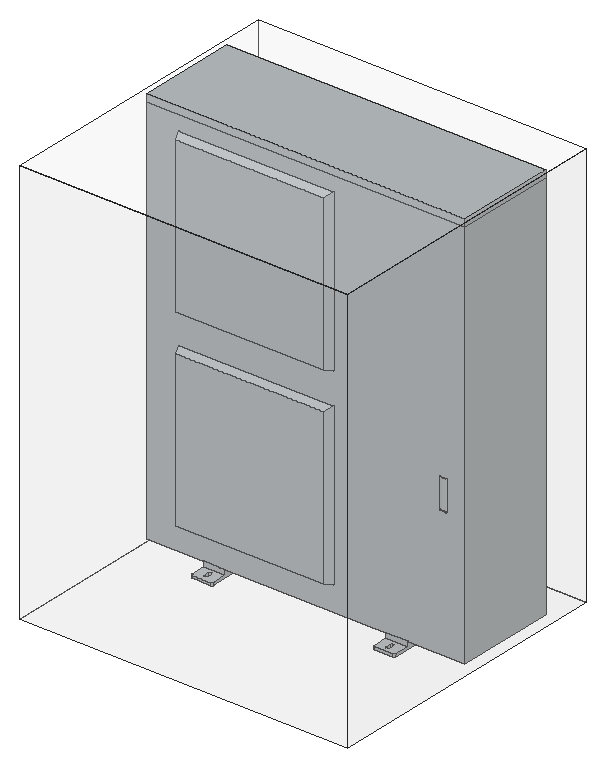
Revit family "puz-zrmp80hka16_280ka6_60hz", category 機械設備, Revit 2023
Family settings
  丸型コネクタ寸法 = 直径を使用
  パーツ タイプ = 標準
  OmniClass 番号 = 23.75.10.24.21.27.27
  OmniClass タイトル = Split System Air Conditioning Units
  作業面ベース = いいえ
  常に垂直 = はい
  ロード時にボイドで切り取り = いいえ
  注釈の向きを維持 = いいえ
  共有 = いいえ
  部屋計算ポイント = いいえ
Parameters (values of type "PUZ-ZRMP112KA16")
  風量_冷房 (㎥/min) = 100
  風量 = [風量_冷房 (㎥/min)] * 60.0 m³/h  # 6000.0 m³/h
  音響パワーレベル_冷房 (dB) = 68
  音響パワーレベル_暖房 (dB) = 70
  音響パワーレベル(dB) = if([音響パワーレベル_冷房 (dB)] > [音響パワーレベル_暖房 (dB)], [音響パワーレベル_冷房 (dB)], [音響パワーレベル_暖房 (dB)])  # 70
  電源種別 = ""
  電源位置Y = 2 mm
  電源位置Z = 1063 mm
  電源位置X = 325 mm
  電圧 = 200 V
  電動機出力_送風機 = 0.12 kW
  電動機出力_圧縮機 = 2.1 kW
  集中コントローラ [instance] = ""
  運転質量 = 0.00 kg
  運転方法 = "冷暖切替"
  質量 = if(製品質量 > 運転質量, 製品質量, 運転質量) * 1.2  # 120.00 kg
  負荷分類 = 1_熱源類
  説明 = "空冷H/P PAC インバータ室外機"
  設計暖房能力 [instance] = 0 kW
  設計冷房能力_顕熱 [instance] = 0 kW
  設計冷房能力 [instance] = 0 kW
  設置方法 = "床置形"
  記号 [instance] = ""
  製造元 = "三菱電機株式会社"
  製品質量 = 100.00 kg
  製品出荷対象 = "国内"
  製品リリース年月 = "2026/5/11"
  系統 [instance] = ""
  符号 = "PAC"
  積算_科目 = "1 空気調和設備"
  積算_拾い区分 [instance] = ""
  相 = 3
  盤記号 [instance] = ""
  発停方法 = "別売リモコン"
  特殊仕様 [instance] = ""
  消費電力_暖房 = 2.67 kW
  消費電力_冷房 = 2.43 kW
  消費電力 = if(消費電力_冷房 > 消費電力_暖房, 消費電力_冷房, 消費電力_暖房)  # 2.67 kW
  法定耐用年数 = "6"
  極数 = 3
  材質 [instance] = ""
  本体マテリアル = Galvanized steel plate
  最小電線太さ_mm2 = 5.5
  最大電流値 = 0 A
  暖房能力 = 11.2 kW
  既定の高さ = 0 mm
  推奨ブレーカー容量 = 30 A
  据付ピッチ1 = 0 mm
  形式 = "パッケージ形 室外機"
  形名 = PUZ-EZRMP-3 : PUZ-EZRMP3-1
  幹線記号 [instance] = ""
  始動方式 = "インバータ"
  呼称 = "パッケージ形空気調和機_室外機"
  周波数 = 60 Hz
  価格 = 0
  ドレン　位置Z = 23 mm
  ドレン　位置Y = 176 mm
  ドレン　位置X = 45 mm
  アンカーボルト位置Y = 370 mm
  アンカーボルト位置X = 600 mm
  参照している仕様書等のバージョン = "公共建築物標準仕様書（機械設備工事編）平成31年度版"
  分類コード = "50053003126100"
  分類グループ = "設備"
  冷房能力 = 10 kW
  冷媒管（ガス）位置X = 483 mm
  冷媒管（液）位置X = 423 mm
  冷媒管（液）位置Y = 290 mm
  冷媒管（ガス）位置Y = 274 mm
  冷媒管長 [instance] = 0 mm
  冷媒管径符号 = "Bd"
  冷媒管径 = 100 mm
  冷媒管位置Z = 450 mm
  冷媒管位置Y = (冷媒管（液）位置Y + 冷媒管（ガス）位置Y) / 2  # 282 mm
  冷媒管位置X = (冷媒管（液）位置X + 冷媒管（ガス）位置X) / 2  # 453 mm
  冷媒液管径 = 9.52 mm
  冷媒ガス管径 = 15.88 mm
  企業コード = "108420"
  付属品 [instance] = ""
  ユニット数 = 1
  ユニット3 = yes
  ユニット2 = yes
  モデル = "PUZ-ZRMP112KA16"
  ドレン管径 = 33 mm
  サービススペース = yes
  コメント [instance] = ""
  【値が 0 の項目は組合せ形名にてご確認ください】 = ""
  Width = 1050 mm
  Version = ""
  Uniclass2015Version = "Systems v1.9"
  Uniclass2015Title = "Split coil remote air cooled condensing units"
  Uniclass2015Code = "Pr_70_65_03_84"
  URL = "https://www.mitsubishielectric.co.jp/ldg/wink/qr/002/364679"
  SpecificationReference = ""
  SpecificationDescription = ""
  Revision = ""
  ProductInformation = ""
  OmniClassCode = "23-33 17 13 11"
  IfcTypeProduct = ""
  IfcProduct = ""
  IfcExportType = "AIRCONDITIONINGUNIT"
  IfcExportAs = "IfcUnitaryEquipmentType"
  Height = 1338 mm
  Depth = 330 mm
  Clearance Top = 0 mm
  Clearance Right = 15 mm
  Clearance Left = 15 mm
  Clearance Front = 500 mm
  Clearance Bottom = 0 mm
  Clearance Back = 150 mm
  COP_暖房 = 0
  COP_冷房 = 0
  COP = (COP_冷房 + COP_暖房) / 2  # 0
  BLCJ仕様バージョン = "2.0"
  Author = "三菱電機株式会社"
  APF = 0
Reference planes
  plane 1 "中心(正面/背面)": y = 74
  plane 2: z = 0
  plane 3 "中心(左/右)": x = 830
  plane 4 "右": x = 1355
  plane 5 "左": x = 305
  plane 6 "背面": y = 239
  plane 7 "正面": y = -91
  plane 8 "上部": z = 1338
  plane 9 "Clearanse Top": z = 1338
  plane 10 "SS_back": y = 389
  plane 11 "SS_front": y = -591
  plane 12 "SS_left": x = 290
  plane 13 "SS_right": x = 1370
  plane 14: z = 0
  plane 15: y = -89
  plane 16: x = 1155
  plane 17: z = 1063
  plane 18: y = -87
  plane 19: y = -43
  plane 20: x = 1283
  plane 21: z = 450
  plane 22: z = 452
  plane 23: y = 63
  plane 24: x = 350
  plane 25: z = 25
  plane 26: z = 23
  plane 27: x = 530
  plane 28: x = 1130
  plane 29: y = 254
  plane 30: y = -116
Forms (mm)
  Extrusion 1, solid, detail levels fine
    sketch origin (0, -91, 0) x (1, 0, 0) y (0, 0, 1)
      loop
        circle (1155, 1063) r 13.5
    from -4 to -2
  Extrusion 2, solid, detail levels fine
    sketch origin (-1437.329, -1524, 54) x (-1, 0, 0) y (0, -1, 0)
      loop
        circle (-2720.329, -1481) r 50
    from 396 to 398
  Extrusion 3, solid, detail levels fine
    sketch origin (-1437.329, -1524, 54) x (-1, 0, 0) y (0, -1, 0)
      loop
        circle (-1787.329, -1587) r 16.5
    from -31 to -29
Lines and regions (mm)
  model lines, not visible
    curve 1: line (460, 178.667, 1289.179) -> (460, 297.73, 1289.179)
    curve 2: line (460, 178.667, 1056.056) -> (460, 178.667, 1289.179)
    curve 3: line (460, 297.73, 1056.056) -> (460, 178.667, 1056.056)
    curve 4: line (460, 297.73, 1289.179) -> (460, 297.73, 1056.056)
    curve 5: line (460, 47.598, 1289.179) -> (460, 166.661, 1289.179)
    curve 6: line (460, 47.598, 1056.056) -> (460, 47.598, 1289.179)
    curve 7: line (460, 166.661, 1056.056) -> (460, 47.598, 1056.056)
    curve 8: line (460, 166.661, 1289.179) -> (460, 166.661, 1056.056)
    curve 9: line (460, -83.471, 1289.179) -> (460, 35.592, 1289.179)
    curve 10: line (460, -83.471, 1056.056) -> (460, -83.471, 1289.179)
    curve 11: line (460, 35.592, 1056.056) -> (460, -83.471, 1056.056)
    curve 12: line (460, 35.592, 1289.179) -> (460, 35.592, 1056.056)
    curve 13: line (460, -150.779, 1289.179) -> (460, -95.75, 1289.179)
    curve 14: line (460, -150.779, 1056.056) -> (460, -150.779, 1289.179)
    curve 15: line (460, -95.75, 1056.056) -> (460, -150.779, 1056.056)
    curve 16: line (460, -95.75, 1289.179) -> (460, -95.75, 1056.056)
    curve 17: line (460, -150.779, 1283.175) -> (460, -132.596, 1283.175)
    curve 18: line (460, -150.779, 1062.059) -> (460, -150.779, 1283.175)
    curve 19: line (460, -132.596, 1062.059) -> (460, -150.779, 1062.059)
    curve 20: line (460, -132.596, 1283.175) -> (460, -132.596, 1062.059)
    curve 21: line (460, 178.667, 1046.051) -> (460, 297.73, 1046.051)
    curve 22: line (460, 178.667, 812.928) -> (460, 178.667, 1046.051)
    curve 23: line (460, 297.73, 812.928) -> (460, 178.667, 812.928)
    curve 24: line (460, 297.73, 1046.051) -> (460, 297.73, 812.928)
    curve 25: line (460, 47.598, 1046.051) -> (460, 166.661, 1046.051)
    curve 26: line (460, 47.598, 812.928) -> (460, 47.598, 1046.051)
    curve 27: line (460, 166.661, 812.928) -> (460, 47.598, 812.928)
    curve 28: line (460, 166.661, 1046.051) -> (460, 166.661, 812.928)
    curve 29: line (460, -83.471, 1046.051) -> (460, 35.592, 1046.051)
    curve 30: line (460, -83.471, 812.928) -> (460, -83.471, 1046.051)
    curve 31: line (460, 35.592, 812.928) -> (460, -83.471, 812.928)
    curve 32: line (460, 35.592, 1046.051) -> (460, 35.592, 812.928)
    curve 33: line (460, -150.779, 1046.051) -> (460, -95.75, 1046.051)
    curve 34: line (460, -150.779, 812.928) -> (460, -150.779, 1046.051)
    curve 35: line (460, -95.75, 812.928) -> (460, -150.779, 812.928)
    curve 36: line (460, -95.75, 1046.051) -> (460, -95.75, 812.928)
    curve 37: line (460, -150.779, 1040.048) -> (460, -132.596, 1040.048)
    curve 38: line (460, -150.779, 818.931) -> (460, -150.779, 1040.048)
    curve 39: line (460, -132.596, 818.931) -> (460, -150.779, 818.931)
    curve 40: line (460, -132.596, 1040.048) -> (460, -132.596, 818.931)
    curve 41: line (460, 178.667, 802.923) -> (460, 297.73, 802.923)
    curve 42: line (460, 178.667, 569.8) -> (460, 178.667, 802.923)
    curve 43: line (460, 297.73, 569.8) -> (460, 178.667, 569.8)
    curve 44: line (460, 297.73, 802.923) -> (460, 297.73, 569.8)
    curve 45: line (460, 47.598, 802.923) -> (460, 166.661, 802.923)
    curve 46: line (460, 47.598, 569.8) -> (460, 47.598, 802.923)
    curve 47: line (460, 166.661, 569.8) -> (460, 47.598, 569.8)
    curve 48: line (460, 166.661, 802.923) -> (460, 166.661, 569.8)
    curve 49: line (460, -83.471, 802.923) -> (460, 35.592, 802.923)
    curve 50: line (460, -83.471, 569.8) -> (460, -83.471, 802.923)
    curve 51: line (460, 35.592, 569.8) -> (460, -83.471, 569.8)
    curve 52: line (460, 35.592, 802.923) -> (460, 35.592, 569.8)
    curve 53: line (460, -150.779, 802.923) -> (460, -95.75, 802.923)
    curve 54: line (460, -150.779, 569.8) -> (460, -150.779, 802.923)
    curve 55: line (460, -95.75, 569.8) -> (460, -150.779, 569.8)
    curve 56: line (460, -95.75, 802.923) -> (460, -95.75, 569.8)
    curve 57: line (460, -150.779, 796.92) -> (460, -132.596, 796.92)
    curve 58: line (460, -150.779, 575.803) -> (460, -150.779, 796.92)
    curve 59: line (460, -132.596, 575.803) -> (460, -150.779, 575.803)
    curve 60: line (460, -132.596, 796.92) -> (460, -132.596, 575.803)
    curve 61: line (460, 178.667, 559.795) -> (460, 297.73, 559.795)
    curve 62: line (460, 178.667, 326.672) -> (460, 178.667, 559.795)
    curve 63: line (460, 297.73, 326.672) -> (460, 178.667, 326.672)
    curve 64: line (460, 297.73, 559.795) -> (460, 297.73, 326.672)
    curve 65: line (460, 47.598, 559.795) -> (460, 166.661, 559.795)
    curve 66: line (460, 47.598, 326.672) -> (460, 47.598, 559.795)
    curve 67: line (460, 166.661, 326.672) -> (460, 47.598, 326.672)
    curve 68: line (460, 166.661, 559.795) -> (460, 166.661, 326.672)
    curve 69: line (460, -83.471, 559.795) -> (460, 35.592, 559.795)
    curve 70: line (460, -83.471, 326.672) -> (460, -83.471, 559.795)
    curve 71: line (460, 35.592, 326.672) -> (460, -83.471, 326.672)
    curve 72: line (460, 35.592, 559.795) -> (460, 35.592, 326.672)
    curve 73: line (460, -150.779, 559.795) -> (460, -95.75, 559.795)
    curve 74: line (460, -150.779, 326.672) -> (460, -150.779, 559.795)
    curve 75: line (460, -95.75, 326.672) -> (460, -150.779, 326.672)
    curve 76: line (460, -95.75, 559.795) -> (460, -95.75, 326.672)
    curve 77: line (460, -150.779, 553.792) -> (460, -132.596, 553.792)
    curve 78: line (460, -150.779, 332.675) -> (460, -150.779, 553.792)
    curve 79: line (460, -132.596, 332.675) -> (460, -150.779, 332.675)
    curve 80: line (460, -132.596, 553.792) -> (460, -132.596, 332.675)
    curve 81: line (460, 178.667, 316.667) -> (460, 297.73, 316.667)
    curve 82: line (460, 178.667, 83.544) -> (460, 178.667, 316.667)
    curve 83: line (460, 297.73, 83.544) -> (460, 178.667, 83.544)
    curve 84: line (460, 297.73, 316.667) -> (460, 297.73, 83.544)
    curve 85: line (460, 47.598, 316.667) -> (460, 166.661, 316.667)
    curve 86: line (460, 47.598, 83.544) -> (460, 47.598, 316.667)
    curve 87: line (460, 166.661, 83.544) -> (460, 47.598, 83.544)
    curve 88: line (460, 166.661, 316.667) -> (460, 166.661, 83.544)
    curve 89: line (460, -83.471, 316.667) -> (460, 35.592, 316.667)
    curve 90: line (460, -83.471, 83.544) -> (460, -83.471, 316.667)
    curve 91: line (460, 35.592, 83.544) -> (460, -83.471, 83.544)
    curve 92: line (460, 35.592, 316.667) -> (460, 35.592, 83.544)
    curve 93: line (460, -150.779, 316.667) -> (460, -95.75, 316.667)
    curve 94: line (460, -150.779, 83.544) -> (460, -150.779, 316.667)
    curve 95: line (460, -95.75, 83.544) -> (460, -150.779, 83.544)
    curve 96: line (460, -95.75, 316.667) -> (460, -95.75, 83.544)
    curve 97: line (460, -150.779, 310.664) -> (460, -132.596, 310.664)
    curve 98: line (460, -150.779, 89.547) -> (460, -150.779, 310.664)
    curve 99: line (460, -132.596, 89.547) -> (460, -150.779, 89.547)
    curve 100: line (460, -132.596, 310.664) -> (460, -132.596, 89.547)
Dimensions and locks
  equal spacing: plane 7 "正面", plane 1 "中心(正面/背面)", plane 6 "背面"
  "Depth": plane 7 "正面" to plane 6 "背面"
  "Width": plane 5 "左" to plane 4 "右"
  equal spacing: plane 5 "左", plane 3 "中心(左/右)", plane 4 "右"
  "Clearance Left": plane 12 "SS_left" to plane 5 "左"
  "Clearance Right": plane 4 "右" to plane 13 "SS_right"
  "Clearance Back": plane 6 "背面" to plane 10 "SS_back"
  "Clearance Front": plane 11 "SS_front" to plane 7 "正面"
  "Height": plane 8 "上部" to level
  "Clearance Top": plane 9 "Clearanse Top" to plane 8 "上部"
  "Clearance Bottom": level to plane 14
  "電源位置X": plane 3 "中心(左/右)" to plane 16
  "電源位置Y": plane 7 "正面" to plane 15
  "電源位置Z": plane 17 to level
  locked: plane 15 to plane 18 at 2
  "冷媒管位置X": plane 3 "中心(左/右)" to plane 20
  "冷媒管位置Y": plane 19 to plane 6 "背面"
  "冷媒管位置Z": plane 21 to level
  locked: plane 22 to plane 21 at 2
  "ドレン　位置X": plane 5 "左" to plane 24
  "ドレン　位置Y": plane 23 to plane 6 "背面"
  locked: plane 25 to plane 26 at 2
  "ドレン　位置Z": plane 26 to level
  "アンカーボルト位置Y": plane 30 to plane 29
  equal spacing: plane 27, plane 3 "中心(左/右)", plane 28
  "アンカーボルト位置X": plane 27 to plane 28
  nested 2 to plane 6 "背面" to plane 29 = 355 mm, 15 mm
  plane 30 to plane 7 "正面" = 25 mm
  radius of Extrusion 1 sketch curve = 13.5 mm
  "冷媒管径": diameter of Extrusion 2 sketch curve
  "ドレン管径": diameter of Extrusion 3 sketch curve
  aligned and locked: level to plane 2
  aligned and locked: plane 10 "SS_back" to nested 1  (x2)
  aligned and locked: plane 13 "SS_right" to nested 1
  aligned and locked: plane 12 "SS_left" to nested 1  (x2)
  aligned and locked: nested 1 to plane 13 "SS_right"
  aligned and locked: plane 11 "SS_front" to nested 1
  aligned and locked: plane 9 "Clearanse Top" to nested 1
  aligned and locked: plane 1 "中心(正面/背面)" to nested 2
  aligned and locked: plane 3 "中心(左/右)" to nested 2
  aligned and locked: plane 14 to nested 1
  aligned and locked: plane 17 to Extrusion 1 sketch curve
  aligned and locked: plane 16 to Extrusion 1 sketch curve
  aligned and locked: Extrusion 1 to plane 18
  aligned and locked: plane 15 to Extrusion 1
  aligned and locked: plane 19 to Extrusion 2 sketch curve
  aligned and locked: plane 20 to Extrusion 2 sketch curve
  aligned and locked: plane 22 to Extrusion 2
  aligned and locked: Extrusion 2 to plane 21
  aligned and locked: plane 24 to Extrusion 3 sketch curve
  aligned and locked: plane 23 to Extrusion 3 sketch curve
  aligned and locked: plane 25 to Extrusion 3
  aligned and locked: Extrusion 3 to plane 26
  aligned and locked: plane 27 to nested 3
  aligned and locked: plane 29 to nested 3
Nested families
  nested 1: "サービススペース" at (830, -101, 669), visible <- "サービススペース", type "サービススペース"
    with Width 1080 mm, Height 1338 mm, Depth 980 mm
  nested 2: "PUZ-EZRMP-3" at (830, 74, 0), type <- "形名", type "PUZ-EZRMP3-1", detail levels fine
  nested 3: "固定点" at (530, -116, 0), type "固定点"
    with W 600 mm, D 370 mm
Connectors
  piping at (1283, -43, 450), diameter 100, driven by "冷媒管径", driven by "冷媒管径符号"
    settings: on Extrusion 2, index 1, connector inside diameter 609.6 mm, connector length 0 mm, flow factor 0, pipe flow 0.0 L/s, pressure drop 0.0 Pa, fitting loss kfactor 0, connector angle 0.00°, fixture units 0, engagement length 0 mm, angle of deflection 0.00°, flow configuration 1, flow direction 2, fitting loss method 4, system type 7, joint type 0, gender type 0, connector reference index -1, connector utility 0, adjustable connector no, is connector primary yes, connector description "Bd"
  electrical at (1155, -89, 1063), driven by "極数", driven by "負荷分類", driven by "電圧", driven by "消費電力"
    settings: on Extrusion 1, index 2, voltage 200 V, apparent load 2670 VA, apparent load phase1 0 VA, apparent load phase2 0 VA, apparent load phase3 0 VA, power factor 1, load classification "1_熱源類", number of poles 3, system type 30, power factor state 1, is connector primary yes, connector utility no, sub classification motor no, connector description ""
Definition of nested family "サービススペース"
  Parameters (values of type "サービススペース")
    Default Elevation = 0 mm
    Width [instance] = 500 mm
    Height [instance] = 500 mm
    Depth [instance] = 500 mm
  Reference planes
    plane 1 "中心(正面/背面)": y = 0
    plane 2: z = 0
    plane 3 "中心(左/右)": x = 0
    plane 4: y = -250
    plane 5: x = 250
    plane 6: y = 250
    plane 7: x = -250
    plane 8: z = 250
    plane 9: z = -250
  Forms (mm)
    Extrusion 1, solid
      sketch origin (-638.939, 0, 72.39) x (1, 0, 0) y (0, 1, 0)
        loop
          line (388.939, 250) -> (388.939, -250) -> (888.939, -250) -> (888.939, 250) -> (388.939, 250)
      from -322.39 to 177.61
  Lines and regions (mm)
    symbolic lines
      curve 1: line (-250, 0, 250) -> (250, 0, 250)
      curve 2: line (-250, 0, -250) -> (-250, 0, 250)
      curve 3: line (250, 0, -250) -> (-250, 0, -250)
      curve 4: line (250, 0, 250) -> (250, 0, -250)
      curve 5: line (0, -250, 250) -> (0, 250, 250)
      curve 6: line (0, -250, -250) -> (0, -250, 250)
      curve 7: line (0, 250, -250) -> (0, -250, -250)
      curve 8: line (0, 250, 250) -> (0, 250, -250)
      curve 9: line (-250, 250, 0) -> (250, 250, 0)
      curve 10: line (-250, -250, 0) -> (-250, 250, 0)
      curve 11: line (250, -250, 0) -> (-250, -250, 0)
      curve 12: line (250, 250, 0) -> (250, -250, 0)
  Dimensions and locks
    equal spacing: plane 7, plane 3 "中心(左/右)", plane 5
    equal spacing: plane 4, plane 1 "中心(正面/背面)", plane 6
    "Depth": plane 4 to plane 6
    "Width": plane 7 to plane 5
    equal spacing: plane 8, plane 2, plane 9
    "Height": plane 8 to plane 9
    aligned and locked: plane 9 to curve 3
    aligned and locked: plane 7 to curve 2
    aligned and locked: curve 4 to plane 5
    aligned and locked: plane 5 to Extrusion 1
    aligned and locked: Extrusion 1 to plane 7
    aligned and locked: Extrusion 1 to plane 9
    aligned and locked: plane 8 to Extrusion 1
    aligned and locked: plane 9 to curve 7
  Automatic sketch dimensions
    plane 4 to Extrusion 1 sketch curve = 0 mm
    Extrusion 1 sketch curve to plane 7 = 0 mm
    Extrusion 1 sketch curve to plane 5 = 0 mm
    plane 6 to Extrusion 1 sketch curve = 0 mm
    curve 2 to plane 8 = 0 mm
    plane 4 to curve 11 = 0 mm
    curve 11 to plane 7 = 0 mm
    curve 11 to plane 5 = 0 mm
    plane 6 to curve 10 = 0 mm
    curve 7 to plane 4 = 0 mm
    curve 7 to plane 6 = 0 mm
    curve 6 to plane 8 = 0 mm
Definition of nested family "PUZ-EZRMP-3"
  Parameters (values of type "PUZ-EZRMP3-3")
    配線取出口サイズ = 27 mm
    配線取出口-Z = 1063 mm
    配線取出口-Y = 325 mm
    配線取出口-X = 325 mm
    液配管サイズ = 100 mm
    高さ = 1338 mm
    Default Elevation = 0 mm
    換気-W = 362 mm
    換気-H2 = 632 mm
    換気-H1 = 369 mm
    換気-D = 25 mm
    奥行き = 330 mm
    吊りボルト_H = 0 mm
    吊りボルト-φ = 12 mm
    冷媒配管サイズ = 19.05 mm
    冷媒液管径-Z = 424 mm
    冷媒液管径-Y = 290 mm
    冷媒液管径-X = 423 mm
    冷媒ガス管径-Z = 337 mm
    冷媒ガス管径-Y = 276 mm
    冷媒ガス管径-X = 479 mm
    吊りボルト-W = 600 mm
    マテリアル = none
    ドレン配管サイズ = 33 mm
    ドレン管径-Z = 0 mm
    ドレン管径-Y = 154 mm
    ドレン管径-X = 480 mm
    タイプ3 = yes
    タイプ2 = no
    タイプ1 = no
    ガス配管サイズ = 25.4 mm
    吊りボルト-D = 370 mm
    幅さ = 1050 mm
    a = 幅さ / 2  # 525 mm
  Types (3, lengths in mm): name | 冷媒配管サイズ | 冷媒液管径-Z | 冷媒ガス管径-Z | 冷媒ガス管径-Y | 冷媒ガス管径-X | ガス配管サイズ
    PUZ-EZRMP3-3 | 19.05 | 424 | 337 | 276 | 479 | 25.4
    PUZ-EZRMP3-2 | 19.05 | 450 | 337 | 276 | 479 | 25.4
    PUZ-EZRMP3-1 | 9.52 | 450 | 420 | 274 | 483 | 15.88
  Reference planes
    plane 1 "中心(正面/背面)": y = 0
    plane 2: z = 0
    plane 3 "中心(左/右)": x = 0
    plane 4: z = 1338
    plane 5: x = -525
    plane 6: x = 525
    plane 7: y = 165
    plane 8: y = -165
    plane 9: x = 587
    plane 10: y = -105
    plane 11: y = 5
    plane 12: z = 1313
    plane 13: x = -545
    plane 14: x = -300
    plane 15: x = 300
    plane 16: y = 185
    plane 17: y = -185
    plane 18: x = 335
    plane 19: x = 265
    plane 20: x = -265
    plane 21: x = -335
    plane 22: y = 204
    plane 23: y = -218
    plane 24: z = 8.5
    plane 25: z = 25
    plane 26: z = 23
    plane 27: z = 1333
    plane 28: y = -40
    plane 29: y = 40
    plane 30: y = -30
    plane 31: y = 30
    plane 32: z = 1318
    plane 33: z = 55
    plane 34: z = 225
    plane 35: z = 570
    plane 36: x = 535
    plane 37: x = 556
    plane 38: y = -190
    plane 39: x = -163
    plane 40: z = 369
    plane 41: x = 91
    plane 42: x = -417
    plane 43: z = 633
    plane 44: z = 105
    plane 45: x = -407
    plane 46: x = 81
    plane 47: z = 623
    plane 48: z = 115
    plane 49: y = 115
    plane 50: y = -115
    plane 51: x = -480
    plane 52: y = -11
    plane 53: x = 479
    plane 54: x = 325
    plane 55: y = -160
    plane 56: y = -125
    plane 57: y = -111
    plane 58: x = 423
    plane 59: z = 337
    plane 60: z = 424
    plane 61: z = 1063
    plane 62: y = -110
    plane 63: z = 467
    plane 64: z = 524
    plane 65: x = 451
    plane 66: y = -118
    plane 67 "グループ": x = -525
    plane 68: z = 1338
    plane 69: z = 943
    plane 70: z = 1001
    plane 71: z = 1265
    plane 72: z = 737
    plane 73: z = 1255
    plane 74: z = 747
    plane 75: y = 125
    plane 76: x = -370
    plane 77: x = -210
    plane 78: x = -50
    plane 79: x = 110
  Forms (mm)
    Extrusion 1, solid, visible <- "タイプ3", detail levels fine
      sketch origin (-1437.329, -1524, 1338) x (-1, 0, 0) y (0, -1, 0)
        loop
          line (-1102.329, -1689) -> (-1102.329, -1359) -> (-1172.329, -1359) -> (-1172.329, -1689) -> (-1102.329, -1689)
        loop
          line (-1702.329, -1689) -> (-1702.329, -1359) -> (-1772.329, -1359) -> (-1772.329, -1689) -> (-1702.329, -1689)
      from -1338 to -1313
    Extrusion 2, solid, material <- "マテリアル", visible <- "タイプ3", detail levels fine
      sketch origin (-1437.329, -1524, 1338) x (-1, 0, 0) y (0, -1, 0)
        loop
          line (-1962.329, -1689) -> (-912.329, -1689) -> (-912.329, -1359) -> (-1962.329, -1359) -> (-1962.329, -1689)
      from -1313 to -25
    Extrusion 3, solid, material <- "マテリアル", visible <- "タイプ3", detail levels fine
      sketch origin (-1437.329, -1524, 1338) x (-1, 0, 0) y (0, -1, 0)
        loop
          line (-912.329, -1689) -> (-912.329, -1359) -> (-1962.329, -1359) -> (-1962.329, -1689) -> (-912.329, -1689)
      from -25 to 0
    Blend 4, solid, material <- "マテリアル", visible <- "タイプ3", detail levels fine
      base sketch origin (0, 0, 0) x (1, 0, 0) y (0, 0, 1)
        loop
          line (-417, 633) -> (-417, 105) -> (91, 105) -> (91, 633) -> (-417, 633)
      top sketch origin (0, 0, 0) x (1, 0, 0) y (0, 0, 1)
        loop
          line (-407, 623) -> (-407, 115) -> (81, 115) -> (81, 623) -> (-407, 623)
      from 165 to 190
    Extrusion 5, solid, material <- "マテリアル", visible <- "タイプ3", detail levels fine
      sketch origin (-1437.329, -1524, 1338) x (-1, 0, 0) y (0, -1, 0)
        loop
          circle (-1916.329, -1413) r 12.7
      from -1001 to -871
    Extrusion 6, solid, material <- "マテリアル", visible <- "タイプ3", detail levels fine
      sketch origin (-1437.329, -1524, 1338) x (-1, 0, 0) y (0, -1, 0)
        loop
          circle (-1860.329, -1399) r 9.525
      from -914 to -814
    Extrusion 7, solid, material <- "マテリアル", visible <- "タイプ3", detail levels fine
      sketch origin (1480.036, -190, 1200) x (1, 0, 0) y (0, 0, 1)
        loop
          circle (-1155.036, -137) r 13.5
      from -80 to -30
    Extrusion 8, solid, material <- "マテリアル", visible <- "タイプ3", detail levels fine
      sketch origin (-1437.329, -1524, 1338) x (-1, 0, 0) y (0, -1, 0)
        loop
          circle (-1888.329, -1406) r 50
      from -914 to -814
    Blend 9, solid, material <- "マテリアル", visible <- "タイプ3", detail levels fine
      base sketch origin (1480.036, -190, 1200) x (1, 0, 0) y (0, 0, 1)
        loop
          line (-1897.036, 65) -> (-1897.036, -463) -> (-1389.036, -463) -> (-1389.036, 65) -> (-1897.036, 65)
      top sketch origin (1480.036, -190, 1200) x (1, 0, 0) y (0, 0, 1)
        loop
          line (-1887.036, 55) -> (-1887.036, -453) -> (-1399.036, -453) -> (-1399.036, 55) -> (-1887.036, 55)
      from -25 to 0
    Extrusion 10, solid, visible <- "タイプ3", detail levels fine
      sketch origin (-1437.329, -1524, 1338) x (-1, 0, 0) y (0, -1, 0)
        loop
          line (-1102.329, -1728) -> (-1102.329, -1689) -> (-1172.329, -1689) -> (-1172.329, -1728) -> (-1143.329, -1728) -> (-1143.329, -1709)
          arc (-1143.329, -1709) -> (-1137.329, -1703) -> (-1131.329, -1709) r 6
          line (-1131.329, -1709) -> (-1131.329, -1728) -> (-1102.329, -1728)
        loop
          line (-1102.329, -1359) -> (-1102.329, -1311)
          arc (-1102.329, -1311) -> (-1103.794, -1307.464) -> (-1107.329, -1306) r 5
          line (-1107.329, -1306) -> (-1167.329, -1306)
          arc (-1167.329, -1306) -> (-1170.865, -1307.464) -> (-1172.329, -1311) r 5
          line (-1172.329, -1311) -> (-1172.329, -1359) -> (-1102.329, -1359)
        loop
          arc (-1143.329, -1339) -> (-1137.329, -1345) -> (-1131.329, -1339) r 6
          line (-1131.329, -1339) -> (-1131.329, -1324)
          arc (-1131.329, -1324) -> (-1137.329, -1318) -> (-1143.329, -1324) r 6
          line (-1143.329, -1324) -> (-1143.329, -1339)
        loop
          line (-1772.329, -1728) -> (-1743.329, -1728) -> (-1743.329, -1709)
          arc (-1743.329, -1709) -> (-1737.329, -1703) -> (-1731.329, -1709) r 6
          line (-1731.329, -1709) -> (-1731.329, -1728) -> (-1702.329, -1728) -> (-1702.329, -1689) -> (-1772.329, -1689) -> (-1772.329, -1728)
        loop
          line (-1772.329, -1359) -> (-1702.329, -1359) -> (-1702.329, -1311)
          arc (-1702.329, -1311) -> (-1703.794, -1307.464) -> (-1707.329, -1306) r 5
          line (-1707.329, -1306) -> (-1767.329, -1306)
          arc (-1767.329, -1306) -> (-1770.865, -1307.464) -> (-1772.329, -1311) r 5
          line (-1772.329, -1311) -> (-1772.329, -1359)
        loop
          line (-1731.329, -1339) -> (-1731.329, -1324)
          arc (-1731.329, -1324) -> (-1737.329, -1318) -> (-1743.329, -1324) r 6
          line (-1743.329, -1324) -> (-1743.329, -1339)
          arc (-1743.329, -1339) -> (-1737.329, -1345) -> (-1731.329, -1339) r 6
      from -1338 to -1329.5
    Extrusion 11, solid, material <- "マテリアル", visible <- "タイプ3", detail levels fine
      sketch origin (-1437.329, -1524, 1338) x (-1, 0, 0) y (0, -1, 0)
        loop
          circle (-957.329, -1513) r 16.5
        loop
          circle (-1067.329, -1649) r 16.5
        loop
          circle (-1227.329, -1649) r 16.5
        loop
          circle (-1387.329, -1649) r 16.5
        loop
          circle (-1547.329, -1649) r 16.5
      from -1315 to -1313
  Cuts and joins
    joined: Extrusion 1, Extrusion 10
  Lines and regions (mm)
    Masking region 1, visible <- "タイプ3", detail levels coarse+medium
      outline origin (-1437.329, -1524, 1338) x (-1, 0, 0) y (0, -1, 0)
        loop
          line (-1962.329, -1689) -> (-1772.329, -1689) -> (-1772.329, -1728) -> (-1702.329, -1728) -> (-1702.329, -1689) -> (-1172.329, -1689) -> (-1172.329, -1728) -> (-1102.329, -1728) -> (-1102.329, -1689) -> (-912.329, -1689) -> (-912.329, -1359) -> (-1020.329, -1359) -> (-1030.329, -1334) -> (-1102.329, -1334) -> (-1102.329, -1306) -> (-1172.329, -1306) -> (-1172.329, -1334) -> (-1518.329, -1334) -> (-1528.329, -1359) -> (-1702.329, -1359) -> (-1702.329, -1306) -> (-1772.329, -1306) -> (-1772.329, -1359) -> (-1962.329, -1359) -> (-1962.329, -1689)
    model lines, visible <- "タイプ3", detail levels fine
      curve 1: line (445, 115, 1338) -> (-445, 115, 1338)
      curve 2: line (-445, -115, 1338) -> (445, -115, 1338)
      curve 3: line (-445, -45, 1338) -> (445, -45, 1338)
      curve 4: line (445, 45, 1338) -> (-445, 45, 1338)
      curve 5: line (-445, -35, 1338) -> (445, -35, 1338)
      curve 6: line (445, 35, 1338) -> (-445, 35, 1338)
      curve 7: line (-445, 115, 1338) -> (-445, 45, 1338)
      curve 8: line (445, -115, 1338) -> (445, -45, 1338)
      curve 9: line (-445, 35, 1338) -> (-445, -35, 1338)
      curve 10: line (-445, -45, 1338) -> (-445, -115, 1338)
      curve 11: line (445, -35, 1338) -> (445, 35, 1338)
      curve 12: line (445, 45, 1338) -> (445, 115, 1338)
      curve 13: line (475, -115, 1338) -> (475, 115, 1338)
      curve 14: line (460, -115, 1338) -> (460, 115, 1338)
      curve 15: line (-475, 115, 1338) -> (-475, -115, 1338)
      curve 16: line (-460, 115, 1338) -> (-460, -115, 1338)
      curve 17: line (-460, 115, 1338) -> (-475, 115, 1338)
      curve 18: line (-460, -115, 1338) -> (-475, -115, 1338)
      curve 19: line (460, 115, 1338) -> (475, 115, 1338)
      curve 20: line (460, -115, 1338) -> (475, -115, 1338)
      curve 21: line (-407, -190, 416.5) -> (81, -190, 416.5)
      curve 22: line (81, -190, 321.5) -> (-407, -190, 321.5)
      curve 23: line (-407, -190, 511.5) -> (81, -190, 511.5)
      curve 24: line (-407, -190, 606.5) -> (81, -190, 606.5)
      curve 25: line (81, -190, 226.5) -> (-407, -190, 226.5)
      curve 26: line (81, -190, 131.5) -> (-407, -190, 131.5)
      curve 27: line (-389.571, -190, 623) -> (-389.571, -190, 115)
      curve 28: line (63.571, -190, 115) -> (63.571, -190, 623)
      curve 29: line (-372.143, -190, 623) -> (-372.143, -190, 115)
      curve 30: line (-354.714, -190, 623) -> (-354.714, -190, 115)
      curve 31: line (-337.286, -190, 623) -> (-337.286, -190, 115)
      curve 32: line (-319.857, -190, 623) -> (-319.857, -190, 115)
      curve 33: line (-302.429, -190, 623) -> (-302.429, -190, 115)
      curve 34: line (-285, -190, 623) -> (-285, -190, 115)
      curve 35: line (-267.571, -190, 623) -> (-267.571, -190, 115)
      curve 36: line (-250.143, -190, 623) -> (-250.143, -190, 115)
      curve 37: line (-232.714, -190, 623) -> (-232.714, -190, 115)
      curve 38: line (-215.286, -190, 623) -> (-215.286, -190, 115)
      curve 39: line (-197.857, -190, 623) -> (-197.857, -190, 115)
      curve 40: line (-180.429, -190, 623) -> (-180.429, -190, 115)
      curve 41: line (-163, -190, 623) -> (-163, -190, 115)
      curve 42: line (-145.571, -190, 623) -> (-145.571, -190, 115)
      curve 43: line (-128.143, -190, 623) -> (-128.143, -190, 115)
      curve 44: line (-110.714, -190, 623) -> (-110.714, -190, 115)
      curve 45: line (-93.286, -190, 623) -> (-93.286, -190, 115)
      curve 46: line (-75.857, -190, 623) -> (-75.857, -190, 115)
      curve 47: line (-58.429, -190, 623) -> (-58.429, -190, 115)
      curve 48: line (-41, -190, 623) -> (-41, -190, 115)
      curve 49: line (-23.571, -190, 623) -> (-23.571, -190, 115)
      curve 50: line (-6.143, -190, 623) -> (-6.143, -190, 115)
      curve 51: line (11.286, -190, 623) -> (11.286, -190, 115)
      curve 52: line (28.714, -190, 623) -> (28.714, -190, 115)
      curve 53: line (46.143, -190, 623) -> (46.143, -190, 115)
      curve 54: line (-525, -100, 87) -> (-525, -60, 87)
      curve 55: line (-525, -100, 277) -> (-525, -100, 87)
      curve 56: line (-525, -60, 277) -> (-525, -100, 277)
      curve 57: line (-525, -60, 87) -> (-525, -60, 277)
      curve 58: line (-525, -100, 292) -> (-525, -60, 292)
      curve 59: line (-525, -100, 482) -> (-525, -100, 292)
      curve 60: line (-525, -60, 482) -> (-525, -100, 482)
      curve 61: line (-525, -60, 292) -> (-525, -60, 482)
      curve 62: line (-525, -100, 497) -> (-525, -60, 497)
      curve 63: line (-525, -100, 687) -> (-525, -100, 497)
      curve 64: line (-525, -60, 687) -> (-525, -100, 687)
      curve 65: line (-525, -60, 497) -> (-525, -60, 687)
      curve 66: line (-525, -100, 702) -> (-525, -60, 702)
      curve 67: line (-525, -100, 892) -> (-525, -100, 702)
      curve 68: line (-525, -60, 892) -> (-525, -100, 892)
      curve 69: line (-525, -60, 702) -> (-525, -60, 892)
      curve 70: line (-525, 60, 87) -> (-525, 100, 87)
      curve 71: line (-525, 60, 277) -> (-525, 60, 87)
      curve 72: line (-525, 100, 277) -> (-525, 60, 277)
      curve 73: line (-525, 100, 87) -> (-525, 100, 277)
      curve 74: line (-525, -46.667, 87) -> (-525, -6.667, 87)
      curve 75: line (-525, -46.667, 277) -> (-525, -46.667, 87)
      curve 76: line (-525, -6.667, 277) -> (-525, -46.667, 277)
      curve 77: line (-525, -6.667, 87) -> (-525, -6.667, 277)
      curve 78: line (-525, 6.667, 87) -> (-525, 46.667, 87)
      curve 79: line (-525, 6.667, 277) -> (-525, 6.667, 87)
      curve 80: line (-525, 46.667, 277) -> (-525, 6.667, 277)
      curve 81: line (-525, 46.667, 87) -> (-525, 46.667, 277)
      curve 82: line (-525, 60, 292) -> (-525, 100, 292)
      curve 83: line (-525, 60, 482) -> (-525, 60, 292)
      curve 84: line (-525, 100, 482) -> (-525, 60, 482)
      curve 85: line (-525, 100, 292) -> (-525, 100, 482)
      curve 86: line (-525, 60, 702) -> (-525, 100, 702)
      curve 87: line (-525, 60, 892) -> (-525, 60, 702)
      curve 88: line (-525, 100, 892) -> (-525, 60, 892)
      curve 89: line (-525, 100, 702) -> (-525, 100, 892)
      curve 90: line (-525, -46.667, 292) -> (-525, -6.667, 292)
      curve 91: line (-525, -46.667, 482) -> (-525, -46.667, 292)
      curve 92: line (-525, -6.667, 482) -> (-525, -46.667, 482)
      curve 93: line (-525, -6.667, 292) -> (-525, -6.667, 482)
      curve 94: line (-525, -46.667, 497) -> (-525, -6.667, 497)
      curve 95: line (-525, -46.667, 687) -> (-525, -46.667, 497)
      curve 96: line (-525, -6.667, 687) -> (-525, -46.667, 687)
      curve 97: line (-525, -6.667, 497) -> (-525, -6.667, 687)
      curve 98: line (-525, -46.667, 702) -> (-525, -6.667, 702)
      curve 99: line (-525, -46.667, 892) -> (-525, -46.667, 702)
      curve 100: line (-525, -6.667, 892) -> (-525, -46.667, 892)
      curve 101: line (-525, -6.667, 702) -> (-525, -6.667, 892)
      curve 102: line (-525, 6.667, 292) -> (-525, 46.667, 292)
      curve 103: line (-525, 6.667, 482) -> (-525, 6.667, 292)
      curve 104: line (-525, 46.667, 482) -> (-525, 6.667, 482)
      curve 105: line (-525, 46.667, 292) -> (-525, 46.667, 482)
      curve 106: line (-525, 6.667, 497) -> (-525, 46.667, 497)
      curve 107: line (-525, 6.667, 687) -> (-525, 6.667, 497)
      curve 108: line (-525, 46.667, 687) -> (-525, 6.667, 687)
      curve 109: line (-525, 46.667, 497) -> (-525, 46.667, 687)
      curve 110: line (-525, 6.667, 702) -> (-525, 46.667, 702)
      curve 111: line (-525, 6.667, 892) -> (-525, 6.667, 702)
      curve 112: line (-525, 46.667, 892) -> (-525, 6.667, 892)
      curve 113: line (-525, 46.667, 702) -> (-525, 46.667, 892)
      curve 114: line (-525, -100, 907) -> (-525, -60, 907)
      curve 115: line (-525, -100, 1097) -> (-525, -100, 907)
      curve 116: line (-525, -60, 1097) -> (-525, -100, 1097)
      curve 117: line (-525, -60, 907) -> (-525, -60, 1097)
      curve 118: line (-525, 60, 907) -> (-525, 100, 907)
      curve 119: line (-525, 60, 1097) -> (-525, 60, 907)
      curve 120: line (-525, 100, 1097) -> (-525, 60, 1097)
      curve 121: line (-525, 100, 907) -> (-525, 100, 1097)
      curve 122: line (-525, -46.667, 907) -> (-525, -6.667, 907)
      curve 123: line (-525, -46.667, 1097) -> (-525, -46.667, 907)
      curve 124: line (-525, -6.667, 1097) -> (-525, -46.667, 1097)
      curve 125: line (-525, -6.667, 907) -> (-525, -6.667, 1097)
      curve 126: line (-525, 6.667, 907) -> (-525, 46.667, 907)
      curve 127: line (-525, 6.667, 1097) -> (-525, 6.667, 907)
      curve 128: line (-525, 46.667, 1097) -> (-525, 6.667, 1097)
      curve 129: line (-525, 46.667, 907) -> (-525, 46.667, 1097)
      curve 130: line (-525, -100, 1112) -> (-525, -60, 1112)
      curve 131: line (-525, -100, 1302) -> (-525, -100, 1112)
      curve 132: line (-525, -60, 1302) -> (-525, -100, 1302)
      curve 133: line (-525, -60, 1112) -> (-525, -60, 1302)
      curve 134: line (-525, 60, 1112) -> (-525, 100, 1112)
      curve 135: line (-525, 60, 1302) -> (-525, 60, 1112)
      curve 136: line (-525, 100, 1302) -> (-525, 60, 1302)
      curve 137: line (-525, 100, 1112) -> (-525, 100, 1302)
      curve 138: line (-525, -46.667, 1112) -> (-525, -6.667, 1112)
      curve 139: line (-525, -46.667, 1302) -> (-525, -46.667, 1112)
      curve 140: line (-525, -6.667, 1302) -> (-525, -46.667, 1302)
      curve 141: line (-525, -6.667, 1112) -> (-525, -6.667, 1302)
      curve 142: line (-525, 6.667, 1112) -> (-525, 46.667, 1112)
      curve 143: line (-525, 6.667, 1302) -> (-525, 6.667, 1112)
      curve 144: line (-525, 46.667, 1302) -> (-525, 6.667, 1302)
      curve 145: line (-525, 46.667, 1112) -> (-525, 46.667, 1302)
      curve 303: line (81, -190, 1238.5) -> (-407, -190, 1238.5)
      curve 304: line (-407, -190, 763.5) -> (81, -190, 763.5)
      curve 305: line (-389.571, -190, 1255) -> (-389.571, -190, 747)
      curve 306: line (81, -190, 858.5) -> (-407, -190, 858.5)
      curve 307: line (81, -190, 1143.5) -> (-407, -190, 1143.5)
      curve 308: line (81, -190, 1048.5) -> (-407, -190, 1048.5)
      curve 309: line (-407, -190, 953.5) -> (81, -190, 953.5)
      curve 310: line (-372.143, -190, 1255) -> (-372.143, -190, 747)
      curve 311: line (-354.714, -190, 1255) -> (-354.714, -190, 747)
      curve 312: line (-337.286, -190, 1255) -> (-337.286, -190, 747)
      curve 313: line (-319.857, -190, 1255) -> (-319.857, -190, 747)
      curve 314: line (-302.429, -190, 1255) -> (-302.429, -190, 747)
      curve 315: line (-285, -190, 1255) -> (-285, -190, 747)
      curve 316: line (-267.571, -190, 1255) -> (-267.571, -190, 747)
      curve 317: line (-250.143, -190, 1255) -> (-250.143, -190, 747)
      curve 318: line (-232.714, -190, 1255) -> (-232.714, -190, 747)
      curve 319: line (-215.286, -190, 1255) -> (-215.286, -190, 747)
      curve 320: line (-197.857, -190, 1255) -> (-197.857, -190, 747)
      curve 321: line (-180.429, -190, 1255) -> (-180.429, -190, 747)
      curve 322: line (-163, -190, 1255) -> (-163, -190, 747)
      curve 323: line (-145.571, -190, 1255) -> (-145.571, -190, 747)
      curve 324: line (-128.143, -190, 1255) -> (-128.143, -190, 747)
      curve 325: line (-110.714, -190, 1255) -> (-110.714, -190, 747)
      curve 326: line (-93.286, -190, 1255) -> (-93.286, -190, 747)
      curve 327: line (-75.857, -190, 1255) -> (-75.857, -190, 747)
      curve 328: line (-58.429, -190, 1255) -> (-58.429, -190, 747)
      curve 329: line (-41, -190, 1255) -> (-41, -190, 747)
      curve 330: line (-23.571, -190, 1255) -> (-23.571, -190, 747)
      curve 331: line (-6.143, -190, 1255) -> (-6.143, -190, 747)
      curve 332: line (11.286, -190, 1255) -> (11.286, -190, 747)
      curve 333: line (28.714, -190, 1255) -> (28.714, -190, 747)
      curve 334: line (46.143, -190, 1255) -> (46.143, -190, 747)
      curve 335: line (63.571, -190, 1255) -> (63.571, -190, 747)
    model lines, visible <- "タイプ3", not visible, detail levels fine
      curve 146: line (-525, -100, 907) -> (-525, -60, 907)
      curve 147: line (-525, -100, 1097) -> (-525, -100, 907)
      curve 148: line (-525, -60, 1097) -> (-525, -100, 1097)
      curve 149: line (-525, -60, 907) -> (-525, -60, 1097)
      curve 150: line (-525, 60, 907) -> (-525, 100, 907)
      curve 151: line (-525, 60, 1097) -> (-525, 60, 907)
      curve 152: line (-525, 100, 1097) -> (-525, 60, 1097)
      curve 153: line (-525, 100, 907) -> (-525, 100, 1097)
      curve 154: line (-525, -46.667, 907) -> (-525, -6.667, 907)
      curve 155: line (-525, -46.667, 1097) -> (-525, -46.667, 907)
      curve 156: line (-525, -6.667, 1097) -> (-525, -46.667, 1097)
      curve 157: line (-525, -6.667, 907) -> (-525, -6.667, 1097)
      curve 158: line (-525, 6.667, 907) -> (-525, 46.667, 907)
      curve 159: line (-525, 6.667, 1097) -> (-525, 6.667, 907)
      curve 160: line (-525, 46.667, 1097) -> (-525, 6.667, 1097)
      curve 161: line (-525, 46.667, 907) -> (-525, 46.667, 1097)
      curve 162: line (-525, -100, 1112) -> (-525, -60, 1112)
      curve 163: line (-525, -100, 1302) -> (-525, -100, 1112)
      curve 164: line (-525, -60, 1302) -> (-525, -100, 1302)
      curve 165: line (-525, -60, 1112) -> (-525, -60, 1302)
      curve 166: line (-525, 60, 1112) -> (-525, 100, 1112)
      curve 167: line (-525, 60, 1302) -> (-525, 60, 1112)
      curve 168: line (-525, 100, 1302) -> (-525, 60, 1302)
      curve 169: line (-525, 100, 1112) -> (-525, 100, 1302)
      curve 170: line (-525, -46.667, 1112) -> (-525, -6.667, 1112)
      curve 171: line (-525, -46.667, 1302) -> (-525, -46.667, 1112)
      curve 172: line (-525, -6.667, 1302) -> (-525, -46.667, 1302)
      curve 173: line (-525, -6.667, 1112) -> (-525, -6.667, 1302)
      curve 174: line (-525, 6.667, 1112) -> (-525, 46.667, 1112)
      curve 175: line (-525, 6.667, 1302) -> (-525, 6.667, 1112)
      curve 176: line (-525, 46.667, 1302) -> (-525, 6.667, 1302)
      curve 177: line (-525, 46.667, 1112) -> (-525, 46.667, 1302)
      curve 194: line (-525, -100, 87) -> (-525, -60, 87)
      curve 195: line (-525, -100, 277) -> (-525, -100, 87)
      curve 196: line (-525, -60, 277) -> (-525, -100, 277)
      curve 197: line (-525, -60, 87) -> (-525, -60, 277)
      curve 198: line (-525, -100, 292) -> (-525, -60, 292)
      curve 199: line (-525, -100, 482) -> (-525, -100, 292)
      curve 200: line (-525, -60, 482) -> (-525, -100, 482)
      curve 201: line (-525, -60, 292) -> (-525, -60, 482)
      curve 202: line (-525, -100, 497) -> (-525, -60, 497)
      curve 203: line (-525, -100, 687) -> (-525, -100, 497)
      curve 204: line (-525, -60, 687) -> (-525, -100, 687)
      curve 205: line (-525, -60, 497) -> (-525, -60, 687)
      curve 206: line (-525, -100, 702) -> (-525, -60, 702)
      curve 207: line (-525, -100, 892) -> (-525, -100, 702)
      curve 208: line (-525, -60, 892) -> (-525, -100, 892)
      curve 209: line (-525, -60, 702) -> (-525, -60, 892)
      curve 210: line (-525, 60, 87) -> (-525, 100, 87)
      curve 211: line (-525, 60, 277) -> (-525, 60, 87)
      curve 212: line (-525, 100, 277) -> (-525, 60, 277)
      curve 213: line (-525, 100, 87) -> (-525, 100, 277)
      curve 214: line (-525, -46.667, 87) -> (-525, -6.667, 87)
      curve 215: line (-525, -46.667, 277) -> (-525, -46.667, 87)
      curve 216: line (-525, -6.667, 277) -> (-525, -46.667, 277)
      curve 217: line (-525, -6.667, 87) -> (-525, -6.667, 277)
      curve 218: line (-525, 6.667, 87) -> (-525, 46.667, 87)
      curve 219: line (-525, 6.667, 277) -> (-525, 6.667, 87)
      curve 220: line (-525, 46.667, 277) -> (-525, 6.667, 277)
      curve 221: line (-525, 46.667, 87) -> (-525, 46.667, 277)
      curve 222: line (-525, 60, 292) -> (-525, 100, 292)
      curve 223: line (-525, 60, 482) -> (-525, 60, 292)
      curve 224: line (-525, 100, 482) -> (-525, 60, 482)
      curve 225: line (-525, 100, 292) -> (-525, 100, 482)
      curve 226: line (-525, 60, 702) -> (-525, 100, 702)
      curve 227: line (-525, 60, 892) -> (-525, 60, 702)
      curve 228: line (-525, 100, 892) -> (-525, 60, 892)
      curve 229: line (-525, 100, 702) -> (-525, 100, 892)
      curve 230: line (-525, -46.667, 292) -> (-525, -6.667, 292)
      curve 231: line (-525, -46.667, 482) -> (-525, -46.667, 292)
      curve 232: line (-525, -6.667, 482) -> (-525, -46.667, 482)
      curve 233: line (-525, -6.667, 292) -> (-525, -6.667, 482)
      curve 234: line (-525, -46.667, 497) -> (-525, -6.667, 497)
      curve 235: line (-525, -46.667, 687) -> (-525, -46.667, 497)
      curve 236: line (-525, -6.667, 687) -> (-525, -46.667, 687)
      curve 237: line (-525, -6.667, 497) -> (-525, -6.667, 687)
      curve 238: line (-525, -46.667, 702) -> (-525, -6.667, 702)
      curve 239: line (-525, -46.667, 892) -> (-525, -46.667, 702)
      curve 240: line (-525, -6.667, 892) -> (-525, -46.667, 892)
      curve 241: line (-525, -6.667, 702) -> (-525, -6.667, 892)
      curve 242: line (-525, 6.667, 292) -> (-525, 46.667, 292)
      curve 243: line (-525, 6.667, 482) -> (-525, 6.667, 292)
      curve 244: line (-525, 46.667, 482) -> (-525, 6.667, 482)
      curve 245: line (-525, 46.667, 292) -> (-525, 46.667, 482)
      curve 246: line (-525, 6.667, 497) -> (-525, 46.667, 497)
      curve 247: line (-525, 6.667, 687) -> (-525, 6.667, 497)
      curve 248: line (-525, 46.667, 687) -> (-525, 6.667, 687)
      curve 249: line (-525, 46.667, 497) -> (-525, 46.667, 687)
      curve 250: line (-525, 6.667, 702) -> (-525, 46.667, 702)
      curve 251: line (-525, 6.667, 892) -> (-525, 6.667, 702)
      curve 252: line (-525, 46.667, 892) -> (-525, 6.667, 892)
      curve 253: line (-525, 46.667, 702) -> (-525, 46.667, 892)
    model lines, visible <- "タイプ2", not visible
      curve 178: line (-600, -100, 33.5) -> (-600, -60, 33.5)
      curve 179: line (-600, -100, 73.5) -> (-600, -100, 33.5)
      curve 180: line (-600, -60, 73.5) -> (-600, -100, 73.5)
      curve 181: line (-600, -60, 33.5) -> (-600, -60, 73.5)
      curve 182: line (-600, 60, 33.5) -> (-600, 100, 33.5)
      curve 183: line (-600, 60, 73.5) -> (-600, 60, 33.5)
      curve 184: line (-600, 100, 73.5) -> (-600, 60, 73.5)
      curve 185: line (-600, 100, 33.5) -> (-600, 100, 73.5)
      curve 186: line (-509, -46.667, 33.5) -> (-509, -6.667, 33.5)
      curve 187: line (-509, -46.667, 73.5) -> (-509, -46.667, 33.5)
      curve 188: line (-509, -6.667, 73.5) -> (-509, -46.667, 73.5)
      curve 189: line (-509, -6.667, 33.5) -> (-509, -6.667, 73.5)
      curve 190: line (-509, 6.667, 33.5) -> (-509, 46.667, 33.5)
      curve 191: line (-509, 6.667, 73.5) -> (-509, 6.667, 33.5)
      curve 192: line (-509, 46.667, 73.5) -> (-509, 6.667, 73.5)
      curve 193: line (-509, 46.667, 33.5) -> (-509, 46.667, 73.5)
      curve 287: line (-404.5, -100, 33.5) -> (-404.5, -60, 33.5)
      curve 288: line (-404.5, -100, 73.5) -> (-404.5, -100, 33.5)
      curve 289: line (-404.5, -60, 73.5) -> (-404.5, -100, 73.5)
      curve 290: line (-404.5, -60, 33.5) -> (-404.5, -60, 73.5)
      curve 291: line (-404.5, 60, 33.5) -> (-404.5, 100, 33.5)
      curve 292: line (-404.5, 60, 73.5) -> (-404.5, 60, 33.5)
      curve 293: line (-404.5, 100, 73.5) -> (-404.5, 60, 73.5)
      curve 294: line (-404.5, 100, 33.5) -> (-404.5, 100, 73.5)
      curve 295: line (-404.5, -46.667, 33.5) -> (-404.5, -6.667, 33.5)
      curve 296: line (-404.5, -46.667, 73.5) -> (-404.5, -46.667, 33.5)
      curve 297: line (-404.5, -6.667, 73.5) -> (-404.5, -46.667, 73.5)
      curve 298: line (-404.5, -6.667, 33.5) -> (-404.5, -6.667, 73.5)
      curve 299: line (-404.5, 6.667, 33.5) -> (-404.5, 46.667, 33.5)
      curve 300: line (-404.5, 6.667, 73.5) -> (-404.5, 6.667, 33.5)
      curve 301: line (-404.5, 46.667, 73.5) -> (-404.5, 6.667, 73.5)
      curve 302: line (-404.5, 46.667, 33.5) -> (-404.5, 46.667, 73.5)
    model lines, not visible
      curve 254: line (-338.5, -173.2, 372.5) -> (149.5, -173.2, 372.5)
      curve 255: line (149.5, -173.2, 277.5) -> (-338.5, -173.2, 277.5)
      curve 256: line (-338.5, -173.2, 467.5) -> (149.5, -173.2, 467.5)
      curve 257: line (-338.5, -173.2, 562.5) -> (149.5, -173.2, 562.5)
      curve 258: line (149.5, -173.2, 182.5) -> (-338.5, -173.2, 182.5)
      curve 259: line (149.5, -173.2, 87.5) -> (-338.5, -173.2, 87.5)
      curve 260: line (-321.071, -173.2, 579) -> (-321.071, -173.2, 71)
      curve 261: line (132.071, -173.2, 71) -> (132.071, -173.2, 579)
      curve 262: line (-303.643, -173.2, 579) -> (-303.643, -173.2, 71)
      curve 263: line (-286.214, -173.2, 579) -> (-286.214, -173.2, 71)
      curve 264: line (-268.786, -173.2, 579) -> (-268.786, -173.2, 71)
      curve 265: line (-251.357, -173.2, 579) -> (-251.357, -173.2, 71)
      curve 266: line (-233.929, -173.2, 579) -> (-233.929, -173.2, 71)
      curve 267: line (-216.5, -173.2, 579) -> (-216.5, -173.2, 71)
      curve 268: line (-199.071, -173.2, 579) -> (-199.071, -173.2, 71)
      curve 269: line (-181.643, -173.2, 579) -> (-181.643, -173.2, 71)
      curve 270: line (-164.214, -173.2, 579) -> (-164.214, -173.2, 71)
      curve 271: line (-146.786, -173.2, 579) -> (-146.786, -173.2, 71)
      curve 272: line (-129.357, -173.2, 579) -> (-129.357, -173.2, 71)
      curve 273: line (-111.929, -173.2, 579) -> (-111.929, -173.2, 71)
      curve 274: line (-94.5, -173.2, 579) -> (-94.5, -173.2, 71)
      curve 275: line (-77.071, -173.2, 579) -> (-77.071, -173.2, 71)
      curve 276: line (-59.643, -173.2, 579) -> (-59.643, -173.2, 71)
      curve 277: line (-42.214, -173.2, 579) -> (-42.214, -173.2, 71)
      curve 278: line (-24.786, -173.2, 579) -> (-24.786, -173.2, 71)
      curve 279: line (-7.357, -173.2, 579) -> (-7.357, -173.2, 71)
      curve 280: line (10.071, -173.2, 579) -> (10.071, -173.2, 71)
      curve 281: line (27.5, -173.2, 579) -> (27.5, -173.2, 71)
      curve 282: line (44.929, -173.2, 579) -> (44.929, -173.2, 71)
      curve 283: line (62.357, -173.2, 579) -> (62.357, -173.2, 71)
      curve 284: line (79.786, -173.2, 579) -> (79.786, -173.2, 71)
      curve 285: line (97.214, -173.2, 579) -> (97.214, -173.2, 71)
      curve 286: line (114.643, -173.2, 579) -> (114.643, -173.2, 71)
    symbolic lines, visible <- "タイプ3"
      curve 336: line (-344.073, 165, 1338) -> (-525, 165, 1338)
      curve 337: line (-525, 165, 1338) -> (-525, -165, 1338)
      curve 338: line (-525, -165, 1338) -> (-323.037, -165, 1338)
      curve 339: line (-417, -165, 1338) -> (-407, -190, 1338)
      curve 340: line (-407, -190, 1338) -> (-357.105, -190, 1338)
      curve 341: line (-335, -190, 1338) -> (-335, -218, 1338)
      curve 342: line (-335, -218, 1338) -> (-265, -218, 1338)
      curve 343: line (-265, -218, 1338) -> (-265, -190, 1338)
      curve 344: line (-357.105, -190, 1338) -> (81, -190, 1338)
      curve 345: line (81, -190, 1338) -> (91, -165, 1338)
      curve 346: line (-323.037, -165, 1338) -> (300.043, -165, 1338)
      curve 347: line (265, -165, 1338) -> (265, -218, 1338)
      curve 348: line (265, -218, 1338) -> (335, -218, 1338)
      curve 349: line (335, -218, 1338) -> (335, -165, 1338)
      curve 350: line (300.043, -165, 1338) -> (525, -165, 1338)
      curve 351: line (525, -165, 1338) -> (525, 165, 1338)
      curve 352: line (525, 165, 1338) -> (363.157, 165, 1338)
      curve 353: line (335, 165, 1338) -> (335, 204, 1338)
      curve 354: line (335, 204, 1338) -> (265, 204, 1338)
      curve 355: line (265, 204, 1338) -> (265, 165, 1338)
      curve 356: line (363.157, 165, 1338) -> (-344.073, 165, 1338)
      curve 357: line (-265, 165, 1338) -> (-265, 204, 1338)
      curve 358: line (-265, 204, 1338) -> (-335, 204, 1338)
      curve 359: line (-335, 204, 1338) -> (-335, 165, 1338)
      curve 360: line (-475, 115, 1338) -> (-460, 115, 1338)
      curve 361: line (-475, -115, 1338) -> (-475, 115, 1338)
      curve 362: line (-460, -115, 1338) -> (-475, -115, 1338)
      curve 363: line (-460, 115, 1338) -> (-460, -115, 1338)
      curve 364: line (-445, 115, 1338) -> (445, 115, 1338)
      curve 365: line (-445, 45, 1338) -> (-445, 115, 1338)
      curve 366: line (445, 45, 1338) -> (-445, 45, 1338)
      curve 367: line (445, 115, 1338) -> (445, 45, 1338)
      curve 368: line (445, 35, 1338) -> (-445, 35, 1338)
      curve 369: line (445, -35, 1338) -> (445, 35, 1338)
      curve 370: line (-445, -35, 1338) -> (445, -35, 1338)
      curve 371: line (-445, 35, 1338) -> (-445, -35, 1338)
      curve 372: line (-445, -45, 1338) -> (445, -45, 1338)
      curve 373: line (-445, -115, 1338) -> (-445, -45, 1338)
      curve 374: line (445, -115, 1338) -> (-445, -115, 1338)
      curve 375: line (445, -45, 1338) -> (445, -115, 1338)
      curve 376: line (460, -115, 1338) -> (475, -115, 1338)
      curve 377: line (460, 115, 1338) -> (460, -115, 1338)
      curve 378: line (475, 115, 1338) -> (460, 115, 1338)
      curve 379: line (475, -115, 1338) -> (475, 115, 1338)
  Dimensions and locks
    equal spacing: plane 8, plane 1 "中心(正面/背面)", plane 7
    "奥行き": plane 8 to plane 7
    equal spacing: plane 5, plane 3 "中心(左/右)", plane 6
    "幅さ": plane 5 to plane 6
    "高さ": plane 4 to level
    locked: plane 6 to plane 9 at 62
    locked: plane 8 to plane 10 at 60
    locked: plane 8 to plane 11 at 170
    locked: plane 4 to plane 12 at 25
    locked: plane 13 to plane 5 at 20
    "吊りボルト-D": plane 17 to plane 16
    equal spacing: plane 17, plane 1 "中心(正面/背面)", plane 16
    equal spacing: plane 14, plane 3 "中心(左/右)", plane 15
    "吊りボルト-W": plane 14 to plane 15
    plane 21 to plane 14 to plane 20 = 35 mm locked, 35 mm locked
    plane 19 to plane 15 to plane 18 = 35 mm locked, 35 mm locked
    locked: plane 16 to plane 22 at 19
    locked: plane 23 to plane 17 at 33
    locked: plane 24 to level at 8.5
    plane 25 to level = 25 mm
    locked: plane 4 to plane 27 at 5
    plane 7 to plane 1 "中心(正面/背面)" to plane 8 = 165 mm, 165 mm
    plane 29 to plane 1 "中心(正面/背面)" to plane 28 = 40 mm, 40 mm
    plane 31 to plane 1 "中心(正面/背面)" to plane 30 = 30 mm, 30 mm
    locked: plane 32 to plane 12 at 5
    locked: plane 33 to level at 55
    locked: plane 34 to level at 225
    equal spacing: plane 6, plane 37, plane 9
    locked: plane 6 to plane 36 at 10
    "換気-D": plane 38 to plane 8
    "換気-W": plane 39 to plane 5
    "換気-H1": plane 40 to level
    plane 41 to plane 39 to plane 42 = 254 mm locked, 254 mm locked
    plane 43 to plane 40 to plane 44 = 264 mm locked, 264 mm locked
    locked: plane 41 to plane 46 at 10
    locked: plane 45 to plane 42 at 10
    locked: plane 43 to plane 47 at 10
    locked: plane 48 to plane 44 at 10
    locked: curve 26 to plane 48 at 16.5
    locked: plane 47 to curve 24 at 16.5
    equal spacing: curve 24, curve 23, curve 21, curve 22, curve 25, curve 26
    equal spacing: plane 46, curve 28, curve 53, curve 52, curve 51, curve 50, curve 49, curve 48, curve 47, curve 46, curve 45, curve 44, curve 43, curve 42, curve 41, curve 40, curve 39, curve 38, curve 37, curve 36, curve 35, curve 34, curve 33, curve 32, curve 31, curve 30, curve 29, curve 27, plane 45
    locked: curve 4 to curve 6 at 10
    locked: curve 3 to curve 5 at 10
    locked: plane 49 to plane 7 at 50
    locked: plane 8 to plane 50 at 50
    "ドレン管径-Y": plane 8 to plane 52
    "配線取出口-Y": plane 55 to plane 7
    "冷媒液管径-Y": plane 56 to plane 7
    "冷媒ガス管径-Y": plane 57 to plane 7
    "配線取出口-X": plane 3 "中心(左/右)" to plane 54
    "冷媒ガス管径-X": plane 3 "中心(左/右)" to plane 53
    "冷媒液管径-X": plane 3 "中心(左/右)" to plane 58
    "冷媒液管径-Z": plane 60 to level
    "冷媒ガス管径-Z": plane 59 to level
    "配線取出口-Z": plane 61 to level
    locked: plane 55 to plane 62 at 50
    plane 63 to plane 59 = 130 mm
    locked: plane 64 to plane 60 at 100
    equal spacing: plane 58, plane 65, plane 53
    equal spacing: plane 56, plane 66, plane 57
    "a": plane 67 "グループ" to plane 3 "中心(左/右)"
    plane 69 to level = 943 mm
    plane 68 to level = 1338 mm
    locked: plane 35 to level at 570
    curve 21 to plane 40 to curve 22 = 47.5 mm locked, 47.5 mm locked
    "換気-H2": plane 70 to plane 40
    plane 71 to plane 70 to plane 72 = 264 mm locked, 264 mm locked
    locked: plane 74 to plane 72 at 10
    locked: plane 71 to plane 73 at 10
    locked: plane 73 to curve 303 at 16.5
    locked: curve 304 to plane 74 at 16.5
    equal spacing: curve 303, curve 307, curve 308, curve 309, curve 306, curve 304
    equal spacing: plane 46, curve 335, curve 334, curve 333, curve 332, curve 331, curve 330, curve 329, curve 328, curve 327, curve 326, curve 325, curve 324, curve 323, curve 322, curve 321, curve 320, curve 319, curve 318, curve 317, curve 316, curve 315, curve 314, curve 313, curve 312, curve 311, curve 310, curve 305, plane 45
    locked: plane 25 to plane 26 at 2
    "ドレン管径-X": plane 51 to plane 3 "中心(左/右)"
    locked: plane 52 to plane 75 at 136
    plane 51 to plane 76 to plane 77 to plane 78 to plane 79 = 110 mm locked, 160 mm locked, 160 mm locked, 160 mm locked
    "ガス配管サイズ": diameter of Extrusion 5 sketch curve
    "冷媒配管サイズ": diameter of Extrusion 6 sketch curve
    "配線取出口サイズ": diameter of Extrusion 7 sketch curve
    "液配管サイズ": diameter of Extrusion 8 sketch curve
    "ドレン配管サイズ": diameter of Extrusion 11 sketch curve  (x5)
    aligned and locked: level to plane 2
    aligned and locked: Extrusion 1 to level
    aligned and locked: plane 25 to Extrusion 1
    aligned and locked: Extrusion 2 sketch curve to plane 7
    aligned and locked: Extrusion 2 sketch curve to plane 8
    aligned and locked: Extrusion 2 sketch curve to plane 5
    aligned and locked: Extrusion 2 sketch curve to plane 6
